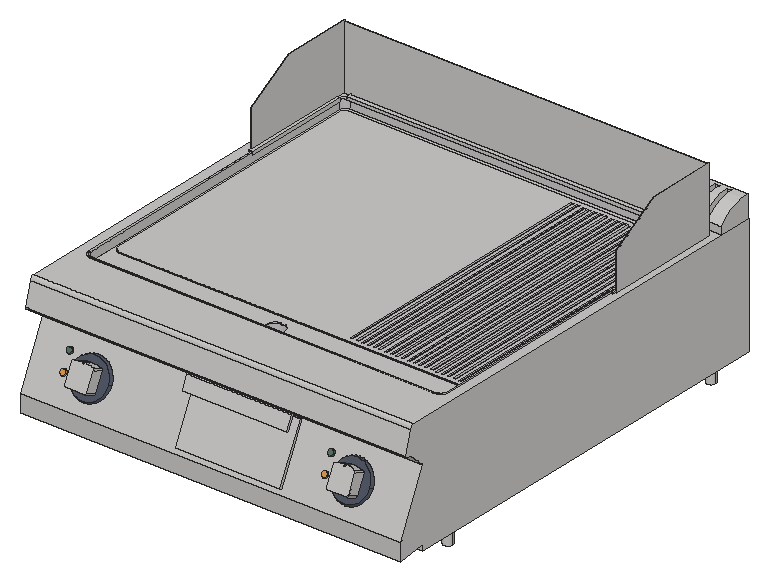
Revit family "QF_ZANUSSI_392400_Z9IINDAOMEA", category Specialty Equipment, Revit 2018 (continued)
Automatic sketch dimensions
  plane 1 "BACK" to curve 65 = 6.761 mm
  curve 61 to curve 65 = 16.193 mm
  curve 65 to curve 67 = 9.296 mm
  plane 1 "BACK" to curve 93 = 6.761 mm
  curve 66 to curve 93 = 16.143 mm
  curve 90 to curve 92 = 9.296 mm
  plane 1 "BACK" to curve 89 = 6.761 mm
  curve 92 to curve 89 = 16.193 mm
  curve 86 to curve 88 = 9.296 mm
  curve 87 to curve 82 = 16.193 mm
  curve 82 to curve 84 = 9.296 mm
  plane 1 "BACK" to curve 78 = 6.761 mm
  curve 84 to curve 78 = 16.193 mm
  curve 78 to curve 80 = 9.296 mm
  curve 5 to plane 7 "Center Y" = 75 mm
  curve 79 to curve 76 = 16.193 mm
  curve 75 to curve 75 = 9.296 mm
  plane 1 "BACK" to curve 73 = 6.761 mm
  curve 74 to curve 73 = 16.193 mm
  curve 70 to curve 72 = 9.296 mm
  plane 7 "Center Y" to curve 132 = 29.703 mm
  curve 132 to curve 132 = 9.296 mm
  plane 1 "BACK" to curve 135 = 6.761 mm
  curve 131 to curve 135 = 16.193 mm
  curve 135 to curve 137 = 9.296 mm
  plane 1 "BACK" to curve 142 = 6.761 mm
  curve 136 to curve 142 = 16.193 mm
  curve 140 to curve 140 = 9.296 mm
  plane 1 "BACK" to curve 145 = 6.761 mm
  curve 139 to curve 145 = 16.193 mm
  curve 145 to curve 146 = 9.296 mm
  plane 1 "BACK" to curve 149 = 6.761 mm
  curve 143 to curve 149 = 16.193 mm
  curve 149 to curve 150 = 9.296 mm
  plane 7 "Center Y" to curve 6 = 145 mm
  plane 1 "BACK" to curve 154 = 6.761 mm
  curve 147 to curve 154 = 16.193 mm
  curve 153 to curve 151 = 9.296 mm
  plane 1 "BACK" to curve 129 = 6.761 mm
  curve 151 to curve 129 = 16.143 mm
  curve 129 to curve 130 = 9.296 mm
  curve 127 to curve 124 = 16.193 mm
  curve 123 to curve 125 = 9.296 mm
  curve 124 to curve 119 = 16.193 mm
  curve 119 to curve 121 = 9.296 mm
  plane 5 "FRONT" to curve 183 = 9.347 mm
  curve 194 to curve 183 = 107 mm
  curve 183 to curve 184 = 0.809 mm
  curve 187 to curve 187 = 1.583 mm
  curve 184 to curve 185 = 1.846 mm
  curve 184 to curve 189 = 2.189 mm
  curve 120 to curve 115 = 16.193 mm
  curve 183 to curve 186 = 11.892 mm
  curve 115 to curve 116 = 9.296 mm
  curve 181 to plane 5 "FRONT" = 9.329 mm
  curve 187 to curve 181 = 20.417 mm
  curve 185 to curve 188 = 19.134 mm
  curve 188 to curve 179 = 1.738 mm
  curve 181 to curve 181 = 2 mm
  curve 116 to curve 112 = 16.193 mm
  curve 186 to curve 177 = 22.215 mm
  curve 111 to curve 113 = 9.296 mm
  curve 180 to curve 189 = 19.003 mm
  curve 176 to curve 176 = 0.343 mm
  curve 176 to curve 178 = 1.071 mm
  curve 176 to curve 175 = 2.189 mm
  curve 175 to curve 174 = 0.809 mm
  curve 112 to curve 107 = 16.193 mm
  curve 107 to curve 109 = 9.296 mm
  curve 108 to curve 106 = 16.193 mm
  curve 105 to curve 103 = 9.296 mm
  plane 14 to curve 97 = 31.03 mm
  plane 14 to curve 17 = 31.03 mm
  curve 103 to curve 100 = 16.193 mm
  curve 21 to curve 96 = 5 mm
  plane 14 to curve 10 = 26.03 mm
  curve 14 to curve 29 = 5 mm
  curve 14 to curve 23 = 5 mm
  curve 99 to curve 100 = 9.296 mm
  curve 14 to curve 31 = 11.516 mm
  plane 14 to curve 15 = 11.03 mm
  plane 14 to curve 27 = 4.442 mm
  curve 1 to plane 4 "RIGHT" = 100 mm
  plane 9 to curve 172 = 32.481 mm
  curve 163 to curve 172 = 0 mm
  plane 9 to curve 188 = 32.481 mm
  curve 188 to curve 179 = 0 mm
  curve 173 to curve 159 = 1.333 mm
  plane 5 "FRONT" to curve 189 = 10.68 mm
  curve 176 to curve 174 = 1.333 mm
  curve 173 to curve 167 = 1.333 mm
  curve 159 to curve 160 = 2.779 mm
  curve 175 to curve 176 = 2.779 mm
  curve 168 to curve 169 = 2.779 mm
  curve 184 to curve 185 = 2.779 mm
  curve 178 to plane 5 "FRONT" = 7.894 mm
  curve 171 to plane 5 "FRONT" = 7.894 mm
  curve 187 to plane 5 "FRONT" = 7.894 mm
  curve 162 to plane 5 "FRONT" = 7.894 mm
  curve 181 to curve 186 = 41.91 mm
  curve 164 to curve 161 = 41.91 mm
  curve 161 to curve 170 = 0 mm
  curve 186 to curve 177 = 0 mm
  curve 177 to curve 10 = 86.222 mm
  curve 95 to plane 5 "FRONT" = 171.264 mm
  curve 11 to curve 17 = 55 mm
  plane 8 "Center X" to curve 27 = 129.61 mm
  plane 8 "Center X" to curve 33 = 129.61 mm
  plane 1 "BACK" to curve 22 = 115.406 mm
  curve 14 to curve 21 = 2.133 mm
  curve 13 to curve 20 = 2.133 mm
  curve 14 to curve 34 = 1.998 mm
  curve 13 to curve 36 = 1.998 mm
  curve 32 to curve 30 = 9.827 mm
  curve 28 to curve 27 = 12.325 mm
  curve 130 to curve 127 = 57.15 mm
  curve 28 to curve 101 = 19.479 mm
  curve 131 to curve 135 = 57.15 mm
  plane 1 "BACK" to curve 117 = 63.911 mm
  curve 131 to curve 135 = 0 mm
  curve 103 to curve 99 = 0 mm
  curve 108 to curve 105 = 0 mm
  curve 127 to curve 125 = 0 mm
  curve 137 to curve 139 = 0 mm
  curve 139 to curve 144 = 0 mm
  curve 82 to curve 88 = 57.15 mm
  curve 120 to curve 115 = 0 mm
  curve 143 to curve 147 = 0 mm
  curve 151 to curve 129 = 0 mm
  curve 92 to curve 82 = 0 mm
  curve 83 to curve 80 = 0 mm
  curve 79 to curve 77 = 0 mm
  curve 116 to curve 111 = 0 mm
  curve 88 to curve 82 = 0 mm
  curve 74 to curve 72 = 0 mm
  curve 68 to curve 90 = 0 mm
  curve 30 to curve 37 = 19.479 mm
  curve 37 to curve 41 = 0 mm
  curve 63 to curve 65 = 0 mm
  curve 43 to curve 45 = 0 mm
  curve 59 to curve 62 = 0 mm
  curve 45 to curve 49 = 0 mm
  curve 49 to curve 55 = 0 mm
  plane 1 "BACK" to curve 51 = 6.761 mm
  plane 1 "BACK" to curve 53 = 6.761 mm
  plane 1 "BACK" to curve 57 = 6.761 mm
  plane 1 "BACK" to curve 61 = 6.761 mm
  plane 1 "BACK" to curve 74 = 6.761 mm
  plane 1 "BACK" to curve 134 = 6.761 mm
  plane 1 "BACK" to curve 126 = 6.761 mm
  plane 1 "BACK" to curve 122 = 6.761 mm
  plane 1 "BACK" to curve 118 = 6.761 mm
  plane 1 "BACK" to curve 114 = 6.761 mm
  plane 1 "BACK" to curve 110 = 6.761 mm
  plane 1 "BACK" to curve 105 = 6.761 mm
  plane 1 "BACK" to curve 102 = 6.761 mm
  plane 1 "BACK" to curve 82 = 6.761 mm
  curve 2 to plane 1 "BACK" = 100 mm
  curve 13 to curve 32 = 3.351 mm
  curve 161 to curve 158 = 9.809 mm
  curve 163 to curve 162 = 0.284 mm
  curve 171 to curve 172 = 0.284 mm
  curve 167 to curve 170 = 9.809 mm
  curve 95 to plane 7 "Center Y" = 20 mm
  curve 148 to curve 197 = 0.714 mm
  curve 197 to curve 198 = 6 mm
  curve 198 to curve 199 = 6 mm
  curve 199 to curve 200 = 6 mm
  curve 200 to curve 201 = 6 mm
  curve 201 to curve 202 = 6 mm
  curve 202 to curve 203 = 6 mm
  curve 203 to curve 204 = 6 mm
  curve 204 to curve 205 = 6 mm
  curve 205 to curve 206 = 6 mm
  curve 206 to curve 207 = 6 mm
  curve 207 to curve 208 = 6 mm
  curve 208 to curve 209 = 6 mm
  curve 209 to curve 210 = 6 mm
  curve 210 to curve 211 = 6 mm
  curve 211 to curve 212 = 6 mm
  curve 212 to curve 213 = 6 mm
  curve 213 to curve 214 = 6 mm
  curve 214 to curve 215 = 6 mm
  curve 186 to curve 183 = 9.809 mm
  curve 215 to curve 216 = 6 mm
  curve 216 to curve 217 = 6 mm
  curve 188 to curve 187 = 0.284 mm
  curve 217 to curve 218 = 6 mm
  curve 218 to curve 219 = 6 mm
  curve 219 to curve 220 = 6 mm
  curve 220 to curve 221 = 6 mm
  curve 221 to curve 222 = 6 mm
  curve 222 to curve 223 = 6 mm
  curve 223 to curve 224 = 6 mm
  curve 178 to curve 178 = 0.284 mm
  curve 224 to curve 225 = 6 mm
  curve 225 to curve 226 = 6 mm
  curve 174 to curve 177 = 9.809 mm
  curve 226 to curve 227 = 6 mm
  curve 227 to curve 228 = 6 mm
  curve 228 to curve 229 = 6 mm
  curve 229 to curve 230 = 6 mm
  curve 230 to curve 231 = 6 mm
  curve 231 to curve 232 = 6 mm
  curve 232 to curve 233 = 6 mm
  curve 234 to curve 22 = 3.6 mm
  curve 22 to curve 235 = 2.4 mm
  curve 236 to curve 23 = 1.6 mm
  curve 31 to curve 96 = 3.351 mm
  curve 162 to curve 162 = 0.567 mm
  curve 171 to curve 171 = 0.567 mm
  curve 187 to curve 187 = 0.567 mm
  curve 178 to curve 178 = 0.567 mm
  curve 178 to curve 177 = 1.156 mm
  curve 24 to curve 214 = 1.133 mm
  curve 214 to curve 220 = 0 mm
  curve 220 to curve 221 = 0 mm
  curve 221 to curve 222 = 0 mm  (x2)
  curve 222 to curve 223 = 0 mm  (x2)
  curve 223 to curve 224 = 0 mm  (x2)
  curve 224 to curve 225 = 0 mm  (x2)
  curve 213 to curve 214 = 0 mm  (x2)
  curve 212 to curve 213 = 0 mm  (x2)
  curve 225 to curve 226 = 0 mm  (x2)
  curve 226 to curve 227 = 0 mm  (x2)
  curve 211 to curve 212 = 0 mm  (x2)
  curve 210 to curve 211 = 0 mm  (x2)
  curve 214 to curve 216 = 0 mm
  curve 216 to curve 217 = 0 mm
  curve 217 to curve 218 = 0 mm  (x2)
  curve 219 to curve 220 = 0 mm  (x2)
  curve 209 to curve 210 = 0 mm  (x2)
  curve 208 to curve 209 = 0 mm  (x2)
  curve 227 to curve 228 = 0 mm  (x2)
  curve 207 to curve 208 = 0 mm  (x2)
  curve 206 to curve 207 = 0 mm  (x2)
  curve 205 to curve 206 = 0 mm  (x2)
  curve 228 to curve 229 = 0 mm  (x2)
  curve 229 to curve 230 = 0 mm  (x2)
  curve 230 to curve 231 = 0 mm
  curve 231 to curve 232 = 0 mm  (x2)
  curve 232 to curve 233 = 0 mm  (x2)
  curve 24 to curve 234 = 1.133 mm
  curve 24 to curve 235 = 1.133 mm
  curve 204 to curve 205 = 0 mm  (x2)
  curve 203 to curve 204 = 0 mm  (x2)
  curve 202 to curve 203 = 0 mm  (x2)
  curve 23 to curve 236 = 1.133 mm
  curve 201 to curve 202 = 0 mm  (x2)
  curve 200 to curve 201 = 0 mm  (x2)
  curve 199 to curve 200 = 0 mm  (x2)
  curve 198 to curve 199 = 0 mm  (x2)
  curve 197 to curve 198 = 0 mm  (x2)
  curve 215 to curve 216 = 0 mm  (x2)
  curve 235 to curve 22 = 1 mm
  curve 229 to curve 22 = 1 mm
  curve 236 to curve 23 = 1 mm
  curve 197 to curve 148 = 52.495 mm
  curve 233 to curve 22 = 1 mm
  curve 220 to curve 226 = 0 mm
  curve 234 to curve 22 = 1 mm
  curve 218 to curve 219 = 0 mm
  curve 214 to curve 215 = 0 mm
  curve 156 to curve 132 = 5.939 mm
  plane 5 "FRONT" to Extrusion 9 sketch curve = 0 mm  (x2)
  Extrusion 9 sketch curve to plane 3 "LEFT" = 0 mm
  Extrusion 9 sketch curve to plane 4 "RIGHT" = 0 mm
  plane 1 "BACK" to Extrusion 9 sketch curve = 0 mm
  Extrusion 9 sketch curve to plane 3 "LEFT" = 100 mm
  Extrusion 9 sketch curve to plane 4 "RIGHT" = 100 mm
  Extrusion 9 sketch curve to plane 1 "BACK" = 100 mm
  radius of Extrusion 2 sketch curve = 9.525 mm  (x4)
  radius of Extrusion 11 sketch curve = 20 mm
  radius of Blend 21 sketch curve = 42.5 mm
  radius of Blend 21 sketch curve = 40.5 mm
  radius of Split face 1 sketch curve = 1.5 mm
  radius of Split face 2 sketch curve = 1.5 mm
  radius of Split face 3 sketch curve = 1.5 mm
  radius of Split face 4 sketch curve = 1.5 mm
  radius of Split face 5 sketch curve = 1.5 mm
  radius of Split face 6 sketch curve = 1.5 mm
  radius of Split face 7 sketch curve = 1.5 mm
  radius of Split face 8 sketch curve = 1.5 mm
  radius of Split face 9 sketch curve = 1.5 mm
  radius of Extrusion 25 sketch curve = 6 mm
  radius of Extrusion 26 sketch curve = 6 mm
  radius of Blend 27 sketch curve = 42.5 mm
  radius of Blend 27 sketch curve = 40.5 mm
  radius of Split face 10 sketch curve = 1.5 mm
  radius of Split face 11 sketch curve = 1.5 mm
  radius of Split face 12 sketch curve = 1.5 mm
  radius of Split face 13 sketch curve = 1.5 mm
  radius of Split face 14 sketch curve = 1.5 mm
  radius of Split face 15 sketch curve = 1.5 mm
  radius of Split face 16 sketch curve = 1.5 mm
  radius of Split face 17 sketch curve = 1.5 mm
  radius of Split face 18 sketch curve = 1.5 mm
  radius of Extrusion 31 sketch curve = 6 mm
  radius of Extrusion 32 sketch curve = 6 mm
  radius of Extrusion 8 sketch curve = 6.35 mm
Connectors
  electrical at (740, -584, 19), driven by "Volts", driven by "Watts"
    settings: on Extrusion 8, index 1, voltage 400 V, apparent load 15000 VA, apparent load phase1 0 VA, apparent load phase2 0 VA, apparent load phase3 0 VA, power factor 1, load classification "Other", number of poles 1, system type 30, power factor state 1, is connector primary yes, connector utility no, sub classification motor no, connector description "ELECTRICAL CONNECTION"
